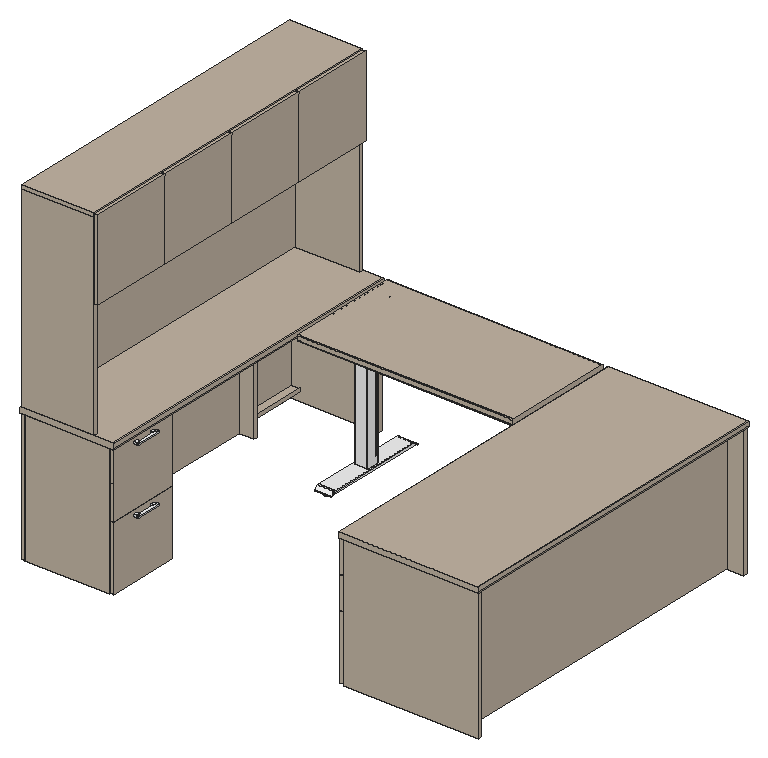
Revit family "JSI-Vision-Typical_Laminate-VST018", category Furniture, Revit 2020
Family settings
  OmniClass Number = 23.40.20.00
  OmniClass Title = General Furniture and Specialties
  Work Plane-Based = No
  Always vertical = Yes
  Cut with Voids When Loaded = No
  Shared = No
  Room Calculation Point = No
Parameters (values of type "VST018")
  URL = "www.jsifurniture.com"
  Type Comments = "Typical Laminate"  # constant formula
  Model = "VST018"
  Manufacturer = "JSI"  # constant formula
  Keynote = "12500"
  Default Elevation = 0"
  Assembly Code = "E2020200"
Reference planes (in)
  plane 1 "Center Front/Back": y = 0
  plane 2: z = 0
  plane 3 "Center Left/Right": x = 0
Dimensions and locks (in)
  aligned and locked: level to plane 2
Nested families (in)
  nested 1: "JSI-Vision-File_File_Credenza" at (10.75, -35.93587, 0) x (0, 1, 0) z (0, 0, 1), type "VST2072LC - Laminate 20 x 72 FF Ped Credenza Left"
    with Width 72", Height 29.187", Panel B 56 1/4"
  nested 2: "JSI-Vision-Single_Pedestal_Desk-Recessed_Modesty" at (87.24997, -36.06413, 0) x (0, -1, 0) z (0, 0, 1), type "VST3072RDF, Laminate 30 x 72 Right Ped Desk, Recess Modesty"
    with Width 72", Panel BBF 56 1/4", LR no, Grommet angle 270.00°, Grommet 56 79/128", BBF 56 1/4"
  nested 3: "JSI-Vision-Overhead_Cabinets" at (0, -72, -0.813) x (0, 1, 0) z (0, 0, 1), type "VST1672SO, Laminate OH Cab. 16" x 72", 4 Doors"
    with Verticall Partition Distance 35 3/4", Unit Centre 36", Width 72", Door Width Actual 17 25/32", Door Array Spacing 17 29/32", Door Width 17 25/32", # of Doors 4
  nested 4: "JSI-Vision-Adjustable_Table_Height_Bridge-Standard_Range" at (20.87997, 0, 0), type "VST2446AHB-S - Adjustable Height Table Standard Range 46"W x 24"D"
Definition of nested family "JSI-Vision-File_File_Credenza"
  Parameters (values of type "Type Catalog")
    Worksurface = none
    Width = 60"
    URL = "www.jsifurniture.com"
    Type Comments = ""
    Tag = "FF"  # constant formula
    Series = "Vision Casegoods"  # constant formula
    Pull Finish = none
    Panel R = if(LR, Depth - 1/4", Depth - 15/16")  # 19 3/4"
    Panel L = if(LR, Depth - 15/16", Depth - 1/4")  # 19 1/16"
    Panel FF = if(LR, 15", Width - 15 3/4")  # 15"
    Model = "Type Catalog"
    Material = ""
    Manufacturer = "JSI"  # constant formula
    LR = yes
    Keynote = "12500"
    JSI Enviromental Website = "http://www.jsifurniture.com/jsi_sustainability_intro.php"
    Height = 29 3/16"
    Grommet angle = if(LR, 90.00°, 270.00°)  # 90.00°
    Grommet Finish = none
    Panel B = if(LR, Width - 15 3/4", 15")  # 44 1/4"
    Grommet = if(LR, 14 1/2", Width - 15 49/128")  # 14 1/2"
    Drawer Front = none
    Description = "Type Catalog"
    Depth chassis = Depth  # 20"
    Depth = 20"
    Default Elevation = 0"
    Chassis = none
    FF = if(LR, 3/16", Width - 15 3/4" + 1/16")  # 3/16"
    Assembly Code = "E2020200"
  Reference planes (in)
    plane 1: z = 0
    plane 2 "Center (Left/Right)": x = -36.06413
    plane 3: z = 29.1875
    plane 4: z = 28
    plane 5: y = -9.25
    plane 6 "Center (Front/Back)": y = 10.75
    plane 7: y = 10.625
    plane 8: y = 10.75
    plane 9: x = -6.06413
    plane 10: x = 23.93587
    plane 11: y = 10.56003
    plane 12: x = -20.31413
    plane 13: x = 8.18587
    plane 14: y = -8.37
    plane 15: x = 15.93587
    plane 16: x = -28.12663
    plane 17: x = 23.81086
    plane 18: x = -35.93913
    plane 19: y = 8.875
    plane 20: y = 4.875
    plane 21: y = 9.8125
    plane 22: y = -8.31113
    plane 23: x = 8.18587
    plane 24: x = -35.87663
    plane 25: x = -20.37636
    plane 26: x = 23.68487
    plane 27: x = -21.56413
    plane 28: y = 6.875
    plane 29: y = -9
    plane 30: y = -8.3125
  Forms (in)
    Extrusion 1, solid, material <- "Worksurface"
      sketch origin (0, 0, -0.8125) x (1, 0, 0) y (0, 1, 0)
        loop
          line (-36.06413, -9.125) -> (23.93587, -9.125) -> (23.93587, 10.625) -> (-36.06413, 10.625) -> (-36.06413, -9.125)
      from 28.8125 to 30
    Extrusion 2, solid, material <- "Drawer Front"
      sketch origin (-0.00163, 0.13, 0) x (1, 0, 0) y (0, 0, 1)
        loop
          line (-35.875, 27.875) -> (-35.875, 21.26593) -> (-35.875, 14.062) -> (-20.37473, 14.062) -> (-20.37473, 21.26593) -> (-20.37473, 27.875) -> (-35.875, 27.875)
        loop
          line (-35.875, 13.937) -> (-35.875, 0.14) -> (-20.37473, 0.14) -> (-20.37473, 13.937) -> (-35.875, 13.937)
      from 8.5 to 9.25
    Extrusion 3, solid, material <- "Chassis"
      sketch origin (-0.06413, 0, 0) x (0, 1, 0) y (0, 0, 1)
        loop
          line (-8.3125, 28) -> (-8.3125, 0) -> (9.81003, 0) -> (9.81003, 28) -> (-8.3125, 28)
      from -35.875 to -35.125
    Extrusion 4, solid, material <- "Chassis"
      sketch origin (-0.06413, 0.034, 0) x (1, 0, 0) y (0, 0, 1)
        loop
          line (-35.125, 1.9375) -> (-35.125, 0) -> (-21, 0) -> (-21, 1.9375) -> (-35.125, 1.9375)
      from 7.59513 to 8.34513
    Extrusion 5, solid, material <- "Chassis"
      sketch origin (-0.06029, 0, 0) x (0, 1, 0) y (0, 0, -1)
        loop
          line (-9, -28) -> (9.8125, -28) -> (9.8125, 0) -> (-9, 0) -> (-9, -28)
      from -23.87116 to -23.12116
    Sweep 6, solid, material <- "Worksurface"
      path in 3D
        loop
          line (-36.06413, -9.125, 29.1875) -> (23.93587, -9.125, 29.1875)
      profile origin (-6.06413, -9.125, 29.1875) x (0, 1, 0) y (0, 0, 1)
        loop
          arc (0, 0) -> (-0.08839, -0.03661) -> (-0.125, -0.125) r 0.125
          line (-0.125, -0.125) -> (-0.125, -1.0625)
          arc (-0.125, -1.0625) -> (-0.08839, -1.15089) -> (0, -1.1875) r 0.125
          line (0, -1.1875) -> (0, 0)
    Extrusion 7, solid, material <- "Chassis"
      sketch origin (-0.06413, 28.15516, 0) x (1, 0, 0) y (0, 0, 1)
        loop
          line (-35.875, 28) -> (-35.875, 0) -> (-20.25, 0) -> (-20.25, 28) -> (-35.875, 28)
      from 17.59513 to 18.34266
    Extrusion 8, solid, material <- "Chassis"
      sketch origin (57.45899, 0, 0) x (0, 1, 0) y (0, 0, -1)
        loop
          line (-8.31113, -28) -> (9.8125, -28) -> (9.8125, 0) -> (-8.31113, 0) -> (-8.31113, -28)
      from 77.77312 to 78.52312
    Extrusion 9, solid, material <- "Chassis"
      sketch origin (-0.06413, 28.15516, 0) x (-1, 0, 0) y (0, 0, -1)
        loop
          line (-23.875, -28) -> (-8.25, -28) -> (-8.25, 0) -> (-23.875, 0) -> (-23.875, -28)
      from 17.59513 to 18.34266
    Sweep 10, solid, material <- "Worksurface"
      path in 3D
        loop
          line (23.93587, 10.625, 29.1875) -> (-36.06413, 10.625, 29.1875)
      profile origin (-6.06413, 10.625, 29.1875) x (0, -1, 0) y (0, 0, 1)
        loop
          arc (0, 0) -> (-0.08839, -0.03661) -> (-0.125, -0.125) r 0.125
          line (-0.125, -0.125) -> (-0.125, -1.0625)
          arc (-0.125, -1.0625) -> (-0.08839, -1.15089) -> (0, -1.1875) r 0.125
          line (0, -1.1875) -> (0, 0)
    Extrusion 11, solid, material <- "Chassis"
      sketch origin (0, 0, 0) x (1, 0, 0) y (0, 0, 1)
        loop
          line (8.93587, 2.5) -> (8.93587, 1.75) -> (23.06086, 1.75) -> (23.06086, 2.5) -> (8.93587, 2.5)
      from -9.8125 to -7.9375
    Extrusion 12, solid, material <- "Chassis"
      sketch origin (0, 0, 0) x (0, 1, 0) y (0, 0, 1)
        loop
          line (9.8125, 28) -> (5.875, 28) -> (5.875, 0) -> (9.8125, 0) -> (9.8125, 28)
      from 8.18587 to 8.93587
    Extrusion 13, solid, material <- "Chassis"
      sketch origin (-12.12827, 0, 0) x (-1, 0, 0) y (0, 0, -1)
        loop
          line (8.93587, -2.5) -> (23.06086, -2.5) -> (23.06086, -1.75) -> (8.93587, -1.75) -> (8.93587, -2.5)
      from -9.8125 to -7.9375
    Extrusion 14, solid, material <- "Chassis"
      sketch origin (0, 0.03248, 0) x (1, 0, 0) y (0, 0, 1)
        loop
          line (-6.49921, 28) -> (-20.31413, 28) -> (-20.31413, 0) -> (8.18587, 0) -> (8.18587, 28) -> (-6.49921, 28)
      from -9.78002 to -9.03002
  Cuts and joins
    joined: Extrusion 1, Sweep 6, Sweep 10
  Lines and regions (in)
    sketch lines
      curve 1: line (-36.06413, -9.125, 29.1875) -> (23.93587, -9.125, 29.1875)
      curve 10: line (23.93587, 10.625, 29.1875) -> (-36.06413, 10.625, 29.1875)
    symbolic lines
      curve 2: line (23.93587, -9.25, 0) -> (-36.06413, -9.25, 0)
      curve 3: line (23.93587, -9.25, 0) -> (23.93587, 10.75, 0)
      curve 4: line (-36.06413, 10.75, 0) -> (-36.06413, -9.25, 0)
      curve 5: line (-20.31413, 10.56003, 0) -> (-35.93913, 10.56003, 0)
      curve 6: line (-20.37636, -8.37, 0) -> (-35.87663, -8.37, 0)
      curve 7: line (-20.37636, -9.12, 0) -> (-20.37636, -8.37, 0)
      curve 8: line (-35.87663, -9.12, 0) -> (-20.37636, -9.12, 0)
      curve 9: line (-35.87663, -8.37, 0) -> (-35.87663, -9.12, 0)
      curve 11: line (-36.06413, 10.75, 0) -> (23.93587, 10.75, 0)
      curve 12: line (-20.31413, -8.31113, 0) -> (-20.31413, 9.8125, 0)
      curve 13: line (-21.06413, -8.31113, 0) -> (-20.31413, -8.31113, 0)
      curve 14: line (23.81086, 10.56003, 0) -> (8.18587, 10.56003, 0)
      curve 15: line (8.18587, 10.56003, 0) -> (8.18587, 9.8125, 0)
      curve 16: line (8.18587, 9.8125, 0) -> (8.18587, 5.875, 0)
      curve 17: line (8.18587, 5.875, 0) -> (8.93587, 5.875, 0)
      curve 18: line (8.93587, 5.875, 0) -> (8.93587, 9.8125, 0)
      curve 19: line (-35.93913, -8.3125, 0) -> (-35.18913, -8.3125, 0)
      curve 20: line (-35.18913, -8.3125, 0) -> (-35.18913, 9.8125, 0)
      curve 21: line (-35.93913, 10.56003, 0) -> (-35.93913, -8.3125, 0)
      curve 22: line (23.06086, 9.8125, 0) -> (23.06086, -9, 0)
      curve 23: line (23.81086, -9, 0) -> (23.81086, 10.56003, 0)
      curve 24: line (23.06086, -9, 0) -> (23.81086, -9, 0)
      curve 25: line (-20.31413, 9.8125, 0) -> (-20.31413, 10.56003, 0)
      curve 26: line (-21.06413, 9.8125, 0) -> (-21.06413, -8.31113, 0)
      curve 27: line (23.81086, 9.8125, 0) -> (-35.93913, 9.8125, 0)
  Dimensions and locks (in)
    "Height": plane 3 to level
    locked: plane 3 to plane 4 at 1.1875
    "Depth": plane 6 "Center (Front/Back)" to plane 5
    locked: plane 7 to plane 6 "Center (Front/Back)" at 0.125
    equal spacing: plane 2 "Center (Left/Right)", plane 9, plane 10
    "Width": plane 2 "Center (Left/Right)" to plane 10
    locked: plane 8 to plane 11 at 0.18997
    "Depth chassis": plane 8 to plane 5
    locked: plane 2 "Center (Left/Right)" to plane 12 at 15.75
    locked: plane 13 to plane 10 at 15.75
    locked: Extrusion 4 to plane 14 at 0.80887
    locked: plane 14 to plane 5 at 0.88
    locked: plane 17 to plane 10 at 0.125
    locked: Extrusion 5 to Extrusion 5 at 0.75
    locked: Extrusion 3 to Extrusion 3 at 0.75
    locked: plane 19 to plane 20 at 4
    plane 22 to plane 5 = 0.93887"
    locked: plane 8 to plane 21 at 0.9375
    "Panel B": plane 2 "Center (Left/Right)" to plane 23
    locked: plane 23 to plane 15 at 7.75
    "FF": plane 2 "Center (Left/Right)" to plane 24
    locked: Extrusion 4 to Extrusion 4 at 0.75
    locked: plane 24 to plane 16 at 7.75
    locked: Extrusion 2 to Extrusion 2 at 0.75
    plane 8 to plane 20 = 5 7/8"
    Extrusion 7 to Extrusion 7 = 0.74753"
    Extrusion 8 to Extrusion 8 = 3/4"
    Extrusion 9 to Extrusion 9 = 0.74753"
    locked: plane 24 to plane 25 at 15.50027
    locked: plane 23 to plane 26 at 15.499
    plane 24 to Extrusion 4 to Extrusion 4 = 11/16" locked, 14 1/8" locked
    "Panel FF": plane 2 "Center (Left/Right)" to Extrusion 8
    locked: Extrusion 8 to Extrusion 8 at 0.75
    "Grommet": plane 2 "Center (Left/Right)" to plane 27
    equal spacing: plane 19, plane 28, plane 20
    "Panel B": plane 2 "Center (Left/Right)" to Extrusion 12
    locked: Extrusion 12 to Extrusion 12 at 3.9375
    locked: Extrusion 12 to Extrusion 12 at 0.75
    locked: Extrusion 11 to Extrusion 11 at 14.125
    locked: Extrusion 13 to Extrusion 13 at 14.125  (x2)
    locked: Extrusion 14 to Extrusion 14 at 0.75
    "Panel R": plane 29 to plane 6 "Center (Front/Back)"
    "Panel L": plane 8 to plane 30
    Extrusion 2 sketch curve to Extrusion 2 sketch curve to Extrusion 2 sketch curve to plane 1 = 1/8", 13.797", 0.14" locked
    locked: plane 4 to Extrusion 2 sketch curve at 0.125
    locked: nested 1 to plane 1 at 13.18529
    locked: plane 4 to nested 2 at 0.875
    locked: plane 3 to plane 1 at 29.1875
    aligned and locked: level to plane 1
    aligned and locked: Extrusion 3 to Extrusion 4
    aligned and locked: plane 17 to Extrusion 5
    aligned and locked: Extrusion 3 to plane 18
    aligned and locked: Extrusion 4 to plane 22
    aligned and locked: Extrusion 4 to level
    aligned and locked: nested 2 to plane 16
    aligned and locked: nested 1 to plane 16
    aligned and locked: Extrusion 7 to plane 12
    aligned and locked: plane 4 to Extrusion 7
    aligned and locked: Extrusion 7 to plane 18
    aligned and locked: plane 18 to Extrusion 3
    aligned and locked: plane 11 to Extrusion 7
    aligned and locked: plane 22 to Extrusion 4
    aligned and locked: Extrusion 8 to plane 22
    aligned and locked: Extrusion 9 to plane 13
    aligned and locked: plane 17 to Extrusion 9
    aligned and locked: Extrusion 5 to plane 17
    aligned and locked: curve 5 to Extrusion 7
    aligned and locked: Extrusion 1 to plane 7
    aligned and locked: plane 11 to Extrusion 9
    aligned and locked: curve 3 to cut or joined group of Extrusion 1, Sweep 6, Sweep 10
    aligned and locked: curve 12 to Extrusion 8
    aligned and locked: curve 13 to Extrusion 8
    aligned and locked: plane 21 to Extrusion 9
    aligned and locked: plane 21 to Extrusion 12
    aligned and locked: plane 21 to Extrusion 11
    aligned and locked: Extrusion 11 to Extrusion 5
    aligned and locked: Extrusion 13 to Extrusion 3
    aligned and locked: curve 14 to Extrusion 9
    aligned and locked: curve 15 to Extrusion 9
    aligned and locked: Extrusion 12 to curve 16
    aligned and locked: curve 17 to Extrusion 12
    aligned and locked: curve 18 to Extrusion 12
    aligned and locked: Extrusion 3 to plane 30
    aligned and locked: curve 19 to Extrusion 3
    aligned and locked: curve 20 to Extrusion 3
    aligned and locked: curve 21 to Extrusion 3
    aligned and locked: Extrusion 5 to plane 29
    aligned and locked: curve 22 to Extrusion 5
    aligned and locked: curve 23 to Extrusion 5
    aligned and locked: curve 24 to Extrusion 5
    aligned and locked: curve 25 to Extrusion 7
    aligned and locked: plane 21 to Extrusion 8
    aligned and locked: plane 21 to Extrusion 5
    aligned and locked: Extrusion 7 to plane 21
    aligned and locked: curve 26 to Extrusion 8
    aligned and locked: nested 3 to plane 16
    aligned and locked: nested 3 to plane 5
    aligned and locked: curve 27 to Extrusion 14
  Automatic sketch dimensions
    Extrusion 1 sketch curve to plane 2 "Center (Left/Right)" = 0"
    Extrusion 1 sketch curve to plane 10 = 0"
    plane 7 to Extrusion 1 sketch curve = 0"
    plane 5 to Extrusion 1 sketch curve = 1/8"
    Extrusion 2 sketch curve to plane 24 = 0"  (x2)
    Extrusion 2 sketch curve to plane 25 = 0"  (x2)
    Extrusion 2 sketch curve to plane 4 = 6.73407"  (x2)
    Extrusion 3 sketch curve to plane 4 = 0"
    Extrusion 3 sketch curve to plane 22 = 0.00137"
    Extrusion 3 sketch curve to level = 0"
    Extrusion 3 sketch curve to plane 21 = 0.00247"
    Extrusion 4 sketch curve to level = 0"
    plane 27 to Extrusion 4 sketch curve = 13 5/8"
    Extrusion 4 sketch curve to plane 25 = 0.68777"
    level to Extrusion 4 sketch curve = 1 15/16"
    Extrusion 5 sketch curve to plane 4 = 0"
    Extrusion 5 sketch curve to plane 22 = 0.68887"
    Extrusion 5 sketch curve to level = 0"
    Extrusion 5 sketch curve to plane 21 = 0"
    Sweep 6 sketch curve to profile plane = 0"  (x2)
    profile plane to Sweep 6 sketch curve = 1/8"
    Sweep 6 sketch curve to Sweep 6 sketch curve = 15/16"
    Extrusion 7 sketch curve to level = 0"
    plane 18 to Extrusion 7 sketch curve = 0"
    plane 12 to Extrusion 7 sketch curve = 0"
    Extrusion 7 sketch curve to plane 4 = 0"
    Extrusion 8 sketch curve to plane 22 = 0"
    Extrusion 8 sketch curve to level = 0"
    Extrusion 8 sketch curve to plane 21 = 0"
    Extrusion 9 sketch curve to level = 0"
    Extrusion 9 sketch curve to plane 17 = 0"
    Extrusion 9 sketch curve to plane 13 = 0"
    Extrusion 9 sketch curve to plane 4 = 0"
    Sweep 10 sketch curve to profile plane = 0"  (x2)
    profile plane to Sweep 10 sketch curve = 1/8"
    Sweep 10 sketch curve to Sweep 10 sketch curve = 15/16"
    Extrusion 11 sketch curve to plane 27 = 30 1/2"
    plane 25 to Extrusion 11 sketch curve = 43.43723"
    level to Extrusion 11 sketch curve = 1 3/4"
    Extrusion 11 sketch curve to Extrusion 11 sketch curve = 3/4"
    Extrusion 12 sketch curve to level = 0"
    Extrusion 12 sketch curve to plane 21 = 0"
    Extrusion 12 sketch curve to plane 28 = 1"
    plane 4 to Extrusion 12 sketch curve = 0"
    Extrusion 13 sketch curve to plane 23 = 29 1/4"
    Extrusion 13 sketch curve to plane 18 = 3/4"
    level to Extrusion 13 sketch curve = 2 1/2"
    Extrusion 13 sketch curve to Extrusion 13 sketch curve = 3/4"
    Extrusion 14 sketch curve to level = 0"
    Extrusion 14 sketch curve to plane 4 = 0"
    Extrusion 14 sketch curve to plane 13 = 0"
    plane 9 to Extrusion 14 sketch curve = 0.43507"
    plane 12 to Extrusion 14 sketch curve = 0"
    curve 2 to plane 2 "Center (Left/Right)" = 0"
    curve 27 to plane 18 = 0"
    curve 9 to plane 14 = 0"
    curve 9 to plane 24 = 0"
    curve 20 to plane 30 = 0"
    curve 26 to plane 22 = 0"
    curve 7 to plane 25 = 0"
    curve 5 to plane 11 = 0"
    curve 5 to plane 12 = 0"
    curve 16 to plane 23 = 0"
    curve 15 to plane 11 = 0"
    curve 15 to plane 13 = 0"
    curve 24 to plane 29 = 0"
    curve 24 to plane 17 = 0"
    curve 2 to plane 5 = 0"
    plane 6 "Center (Front/Back)" to curve 11 = 0"
    plane 24 to curve 20 = 11/16"
    curve 26 to plane 27 = 1/2"
    plane 12 to curve 13 = 0"
    plane 13 to curve 17 = 3/4"
    curve 24 to plane 26 = 0.624"
    curve 8 to plane 29 = 0.12"
    curve 17 to plane 28 = 1"
    curve 25 to plane 21 = 0"
    Extrusion 8 sketch curve to plane 4 = 0"
  Nested families (in)
    nested 1: "Bar Pull" at (-28.12663, -9.12, 13.18529), Pull Finish <- "Pull Finish", type "PL"
      with Pull Finish none
    nested 2: "Bar Pull" at (-28.12663, -9.12, 27.125), Pull Finish <- "Pull Finish", type "PL"
      with Pull Finish none
    nested 3: "Label 1-16-FF" at (-28.12663, -9.25, 0), type "DRWCFG"
  Definition of nested family "Bar Pull"
    Parameters
      Pull Finish [instance] = none
      Default Elevation = 0"
    Reference planes (in)
      plane 1 "Center Front/Back": y = 0
      plane 2: z = 0
      plane 3 "Center Left/Right": x = 0
      plane 4: x = -2.68731
      plane 5: x = -1.88731
      plane 6: x = 2.68731
      plane 7: x = 1.88731
      plane 8: y = -1
      plane 9: y = -0.85202
    Forms (in)
      Extrusion 1, solid, material <- "Pull Finish"
        sketch origin (0, 0, 0) x (0, 1, 0) y (0, 0, 1)
          loop
            line (0, -0.2015) -> (0, 0.2015) -> (-0.85202, 0.2015)
            arc (-0.85202, 0.2015) -> (-0.75, 0) -> (-0.85202, -0.2015) r 0.25
            line (-0.85202, -0.2015) -> (0, -0.2015)
        from 1.88731 to 2.68731
      Extrusion 2, solid, material <- "Pull Finish"
        sketch origin (0, 0, 0) x (0, 1, 0) y (0, 0, 1)
          loop
            circle (-1, 0) r 0.25
        from -2.68731 to 2.68731
      Extrusion 3, solid, material <- "Pull Finish"
        sketch origin (0, 0, 0) x (0, 1, 0) y (0, 0, -1)
          loop
            line (0, 0.2015) -> (-0.85202, 0.2015)
            arc (-0.85202, 0.2015) -> (-0.75, 0) -> (-0.85202, -0.2015) r 0.25
            line (-0.85202, -0.2015) -> (0, -0.2015) -> (0, 0.2015)
        from 1.88731 to 2.68731
    Dimensions and locks (in)
      plane 4 to plane 5 to plane 3 "Center Left/Right" to plane 7 to plane 6 = 0.8" locked, 1.88731" locked, 1.88731" locked, 0.8" locked
      plane 8 to plane 9 to plane 1 "Center Front/Back" = 0.14798" locked, 0.85202" locked
      aligned and locked: level to plane 2
      aligned and locked: plane 4 to Extrusion 3
      aligned and locked: Extrusion 3 to plane 5
      aligned and locked: plane 4 to Extrusion 2
      aligned and locked: Extrusion 1 to plane 7
      aligned and locked: plane 6 to Extrusion 1
      aligned and locked: plane 6 to Extrusion 2
      aligned and locked: plane 8 to Extrusion 2 sketch curve
      aligned and locked: Extrusion 3 to plane 1 "Center Front/Back"
      aligned and locked: Extrusion 1 to plane 1 "Center Front/Back"
      aligned and locked: plane 5 to Extrusion 3
      aligned and locked: Extrusion 3 to plane 4
      aligned and locked: Extrusion 2 to plane 4
      aligned and locked: plane 7 to Extrusion 1
      aligned and locked: Extrusion 1 to plane 6
      aligned and locked: Extrusion 2 to plane 6
  Definition of nested family "Label 1-16-FF"
    Parameters
      Width = 1"
      Model Name = "FF"
    Reference planes (in)
      plane 1: y = 0
      plane 2: x = 0
    Text (in)
      label "XX" at (0.00051, -0.12324, 0), shows "Model Name"
Definition of nested family "JSI-Vision-Single_Pedestal_Desk-Recessed_Modesty"
  Parameters (values of type "Type Catalog")
    Worksurface = none
    Width = 66"
    URL = "www.jsifurniture.com"
    Type Comments = ""
    Tag = "BBF"  # constant formula
    Series = "Vision Casegoods"  # constant formula
    Pull Finish = none
    Panel BBF = if(LR, 15", Width - 15 3/4")  # 15"
    Model = "Type Catalog"
    Material = ""
    Manufacturer = "JSI"  # constant formula
    LR = yes
    Keynote = "12500"
    JSI Enviromental Website = "http://www.jsifurniture.com/jsi_sustainability_intro.php"
    Height = 29.187"
    Grommet angle = if(LR, 90.00°, 270.00°)  # 90.00°
    Grommet Finish = none
    Grommet = if(LR, 14 1/2", Width - 15 49/128")  # 14 1/2"
    Drawer Front = none
    Description = "Type Catalog"
    Depth chassis = 30"
    Depth = 30"
    Default Elevation = 0"
    Chassis = none
    BBF = if(LR, 3/16", Width - 15 3/4")  # 3/16"
    Assembly Code = "E2020200"
  Reference planes (in)
    plane 1: z = 0
    plane 2 "Center (Left/Right)": x = -36.06413
    plane 3: z = 29.187
    plane 4: z = 27.9995
    plane 5: y = -19.25
    plane 6 "Center (Front/Back)": y = 10.75
    plane 7: y = 10.75
    plane 8: x = -3.06413
    plane 9: x = 29.93587
    plane 10: y = 10.56003
    plane 11: x = -20.31413
    plane 12: x = 14.18587
    plane 13: y = -18.37
    plane 14: x = -13.31413
    plane 15: x = -28.12663
    plane 16: x = 29.81086
    plane 17: x = -35.93913
    plane 18: y = 3.55952
    plane 19: y = -0.44048
    plane 20: y = 6.81003
    plane 21: y = -18.31113
    plane 22: x = -21.06413
    plane 23: x = -35.87663
    plane 24: x = -20.37636
    plane 25: x = -5.56513
    plane 26: x = -21.56413
    plane 27: y = 1.55952
  Forms (in)
    Extrusion 1, solid, material <- "Worksurface"
      sketch origin (0, 0, -0.813) x (1, 0, 0) y (0, 1, 0)
        loop
          line (-36.06413, -19.125) -> (29.93587, -19.125) -> (29.93587, 10.625) -> (-36.06413, 10.625) -> (-36.06413, -19.125)
      from 28.8125 to 30
    Extrusion 2, solid, material <- "Chassis"
      sketch origin (0, 3.75, 0) x (1, 0, 0) y (0, 1, 0)
        loop
          line (-35.18913, 3.06003) -> (-35.18913, 2.31003) -> (29.06086, 2.31003) -> (29.06086, 3.06003) -> (-35.18913, 3.06003)
      from 0 to 27.9995
    Extrusion 3, solid, material <- "Drawer Front"
      sketch origin (-0.00163, 0.13, 0) x (1, 0, 0) y (0, 0, 1)
        loop
          line (-35.875, 27.89042) -> (-35.875, 21.04768) -> (-20.37473, 21.04768) -> (-20.37473, 27.89042) -> (-35.875, 27.89042)
        loop
          line (-35.875, 20.92218) -> (-35.875, 14.07843) -> (-20.37473, 14.07843) -> (-20.37473, 20.92218) -> (-35.875, 20.92218)
        loop
          line (-35.875, 13.95343) -> (-35.875, 0.14093) -> (-20.37473, 0.14093) -> (-20.37473, 13.95343) -> (-35.875, 13.95343)
      from 18.5 to 19.25
    Extrusion 4, solid, material <- "Chassis"
      sketch origin (-0.06413, 0, 0) x (0, 1, 0) y (0, 0, 1)
        loop
          line (-18.31113, 27.9995) -> (-18.31113, 0) -> (10.56003, 0) -> (10.56003, 27.9995) -> (3.44695, 27.9995) -> (-18.31113, 27.9995)
      from -35.875 to -35.125
    Extrusion 5, solid, material <- "Chassis"
      sketch origin (-0.06413, 0.034, 0) x (1, 0, 0) y (0, 0, 1)
        loop
          line (-35.125, 1.9375) -> (-35.125, 0) -> (-21, 0) -> (-21, 1.9375) -> (-35.125, 1.9375)
      from 17.59513 to 18.34513
    Extrusion 6, solid, material <- "Chassis"
      sketch origin (-0.06029, 0, 0) x (0, 1, 0) y (0, 0, -1)
        loop
          line (-18.31113, -27.9995) -> (3.74172, -27.9995) -> (10.56003, -27.9995) -> (10.56003, 0) -> (-18.31113, 0) -> (-18.31113, -27.9995)
      from -29.87116 to -29.12116
    Sweep 7, solid, material <- "Worksurface"
      path in 3D
        loop
          line (-36.06413, -19.125, 29.187) -> (29.93587, -19.125, 29.187)
      profile origin (-3.06413, -19.125, 29.187) x (0, 1, 0) y (0, 0, 1)
        loop
          arc (0, 0) -> (-0.08839, -0.03661) -> (-0.125, -0.125) r 0.125
          line (-0.125, -0.125) -> (-0.125, -1.0625)
          arc (-0.125, -1.0625) -> (-0.08839, -1.15089) -> (0, -1.1875) r 0.125
          line (0, -1.1875) -> (0, 0)
    Extrusion 8, solid, material <- "Chassis"
      sketch origin (57.45899, 0, 0) x (0, 1, 0) y (0, 0, -1)
        loop
          line (-18.31113, -27.9995) -> (3.98759, -27.9995) -> (6.06003, -27.9995) -> (6.06003, 0) -> (-18.31113, 0) -> (-18.31113, -27.9995)
      from 77.77312 to 78.52312
    Sweep 9, solid, material <- "Worksurface"
      path in 3D
        loop
          line (29.93587, 10.625, 29.187) -> (-36.06413, 10.625, 29.187)
      profile origin (-3.06413, 10.625, 29.187) x (0, -1, 0) y (0, 0, 1)
        loop
          arc (0, 0) -> (-0.08839, -0.03661) -> (-0.125, -0.125) r 0.125
          line (-0.125, -0.125) -> (-0.125, -1.0625)
          arc (-0.125, -1.0625) -> (-0.08839, -1.15089) -> (0, -1.1875) r 0.125
          line (0, -1.1875) -> (0, 0)
  Cuts and joins
    joined: Extrusion 1, Sweep 7, Sweep 9
  Lines and regions (in)
    sketch lines
      curve 1: line (-36.06413, -19.125, 29.187) -> (29.93587, -19.125, 29.187)
      curve 10: line (29.93587, 10.625, 29.187) -> (-36.06413, 10.625, 29.187)
    symbolic lines
      curve 2: line (29.93587, -19.25, 0) -> (-36.06413, -19.25, 0)
      curve 3: line (29.93587, -19.25, 0) -> (29.93587, 10.75, 0)
      curve 4: line (-36.06413, 10.75, 0) -> (-36.06413, -19.25, 0)
      curve 5: line (-20.37636, -18.37, 0) -> (-35.87663, -18.37, 0)
      curve 6: line (-20.37636, -19.12, 0) -> (-20.37636, -18.37, 0)
      curve 7: line (-35.87663, -19.12, 0) -> (-20.37636, -19.12, 0)
      curve 8: line (-35.87663, -18.37, 0) -> (-35.87663, -19.12, 0)
      curve 9: line (-35.93913, 10.56003, 0) -> (-35.93913, -18.31113, 0)
      curve 11: line (29.81086, -18.31113, 0) -> (29.81086, 10.56003, 0)
      curve 12: line (-20.31413, -18.31113, 0) -> (-20.31413, 6.06003, 0)
      curve 13: line (-21.06413, 6.06003, 0) -> (-21.06413, -18.31113, 0)
      curve 14: line (-21.06413, -18.31113, 0) -> (-20.31413, -18.31113, 0)
      curve 15: line (-35.93913, 10.56003, 0) -> (-35.18913, 10.56003, 0)
      curve 16: line (-35.18913, -18.31113, 0) -> (-35.18913, 10.56003, 0)
      curve 17: line (-35.93913, -18.31113, 0) -> (-35.18913, -18.31113, 0)
      curve 18: line (29.06086, 6.81003, 0) -> (-35.18913, 6.81003, 0)
      curve 19: line (-35.18913, 6.06003, 0) -> (29.06086, 6.06003, 0)
      curve 20: line (29.06086, 10.56003, 0) -> (29.06086, -18.31113, 0)
      curve 21: line (29.81086, 10.56003, 0) -> (29.06086, 10.56003, 0)
      curve 22: line (29.06086, -18.31113, 0) -> (29.81086, -18.31113, 0)
      curve 23: line (-36.06413, 10.75, 0) -> (29.93587, 10.75, 0)
  Dimensions and locks (in)
    "Height": plane 3 to level
    locked: plane 3 to plane 4 at 1.1875
    "Depth": plane 6 "Center (Front/Back)" to plane 5
    equal spacing: plane 2 "Center (Left/Right)", plane 8, plane 9
    "Width": plane 2 "Center (Left/Right)" to plane 9
    locked: plane 7 to plane 10 at 0.18997
    locked: plane 2 "Center (Left/Right)" to plane 11 at 15.75
    locked: plane 12 to plane 9 at 15.75
    locked: Extrusion 5 to plane 13 at 0.80887
    locked: plane 13 to plane 5 at 0.88
    locked: plane 16 to plane 9 at 0.125
    locked: Extrusion 6 to Extrusion 6 at 0.75
    locked: Extrusion 4 to Extrusion 4 at 0.75
    locked: Extrusion 2 to Extrusion 2 at 0.75
    plane 21 to plane 5 = 0.93887"
    locked: plane 22 to plane 14 at 7.75
    "BBF": plane 2 "Center (Left/Right)" to plane 23
    locked: Extrusion 5 to Extrusion 5 at 0.75
    locked: plane 23 to plane 15 at 7.75
    locked: Extrusion 3 to Extrusion 3 at 0.75
    Extrusion 8 to Extrusion 8 = 3/4"
    locked: plane 23 to plane 24 at 15.50027
    locked: plane 22 to plane 25 at 15.499
    plane 23 to Extrusion 5 to Extrusion 5 = 11/16" locked, 14 1/8" locked
    "Panel BBF": plane 2 "Center (Left/Right)" to Extrusion 8
    locked: Extrusion 8 to Extrusion 8 at 0.75
    "Grommet": plane 2 "Center (Left/Right)" to plane 26
    equal spacing: plane 18, plane 27, plane 19
    plane 7 to plane 20 to plane 18 to plane 19 = 3.93997" locked, 3.25051" locked, 4" locked
    aligned and locked: level to plane 1
    aligned and locked: curve 4 to Extrusion 1
    aligned and locked: Extrusion 4 to Extrusion 5
    aligned and locked: Extrusion 2 to Extrusion 5
    aligned and locked: Extrusion 2 to Extrusion 6  (x2)
    aligned and locked: plane 16 to Extrusion 6
    aligned and locked: Extrusion 4 to plane 17
    aligned and locked: plane 20 to Extrusion 2
    aligned and locked: plane 13 to Extrusion 3
    aligned and locked: Extrusion 6 to plane 21
    aligned and locked: Extrusion 5 to plane 21
    aligned and locked: Extrusion 4 to plane 21
    aligned and locked: Extrusion 5 to level
    aligned and locked: nested 3 to plane 15
    aligned and locked: nested 2 to plane 15
    aligned and locked: nested 1 to plane 15
    aligned and locked: Extrusion 3 to nested 3
    aligned and locked: Extrusion 3 to nested 2
    aligned and locked: Extrusion 3 to nested 1
    aligned and locked: Extrusion 3 to plane 23  (x3)
    aligned and locked: plane 17 to Extrusion 4
    aligned and locked: plane 21 to Extrusion 5
    aligned and locked: Extrusion 8 to plane 21
    aligned and locked: Extrusion 6 to plane 16
    aligned and locked: plane 24 to Extrusion 3  (x3)
    aligned and locked: curve 5 to Extrusion 3
    aligned and locked: curve 6 to Extrusion 3
    aligned and locked: curve 7 to Extrusion 3
    aligned and locked: curve 8 to Extrusion 3
    aligned and locked: Extrusion 4 to curve 9
    aligned and locked: curve 11 to Extrusion 6
    aligned and locked: Extrusion 2 to Extrusion 4
    aligned and locked: Extrusion 8 to Extrusion 2
    aligned and locked: curve 12 to Extrusion 8
    aligned and locked: curve 13 to Extrusion 8
    aligned and locked: curve 14 to Extrusion 8
    aligned and locked: curve 16 to Extrusion 4
    aligned and locked: curve 17 to Extrusion 4
    aligned and locked: curve 18 to Extrusion 2
    aligned and locked: curve 19 to Extrusion 2
    aligned and locked: curve 20 to Extrusion 6
    aligned and locked: curve 21 to Extrusion 6
    aligned and locked: curve 22 to Extrusion 6
    aligned and locked: curve 3 to cut or joined group of Extrusion 1, Sweep 7, Sweep 9
    aligned and locked: curve 4 to cut or joined group of Extrusion 1, Sweep 7, Sweep 9
    aligned and locked: curve 23 to cut or joined group of Extrusion 1, Sweep 7, Sweep 9
    aligned and locked: nested 4 to plane 5
    aligned and locked: nested 4 to plane 15
    aligned and locked: plane 10 to Extrusion 4  (x2)
    aligned and locked: plane 10 to Extrusion 6  (x2)
    aligned and locked: curve 15 to Extrusion 4
  Automatic sketch dimensions
    plane 11 to Extrusion 2 sketch curve = 14 7/8"
    plane 12 to Extrusion 2 sketch curve = 14 7/8"
    Extrusion 2 sketch curve to plane 20 = 0"
    plane 18 to Extrusion 2 sketch curve = 2.50051"
    Extrusion 3 sketch curve to plane 23 = 0"  (x3)
    plane 11 to Extrusion 3 sketch curve = 0.06223"  (x3)
    level to Extrusion 3 sketch curve = 0.14093"
    Extrusion 3 sketch curve to Extrusion 3 sketch curve = 13 13/16"
    Extrusion 3 sketch curve to Extrusion 3 sketch curve = 1/8"
    Extrusion 3 sketch curve to Extrusion 3 sketch curve = 6 27/32"
    Extrusion 3 sketch curve to Extrusion 3 sketch curve = 0.1255"
    Extrusion 3 sketch curve to plane 4 = 0.10907"
    plane 4 to Extrusion 4 sketch curve = 0"
    Extrusion 4 sketch curve to plane 21 = 0"
    Extrusion 4 sketch curve to level = 0"
    Extrusion 4 sketch curve to plane 10 = 0"
    Extrusion 5 sketch curve to level = 0"
    plane 23 to Extrusion 5 sketch curve = 11/16"
    plane 11 to Extrusion 5 sketch curve = 3/4"
    level to Extrusion 5 sketch curve = 1 15/16"
    Extrusion 6 sketch curve to plane 4 = 0"
    Extrusion 6 sketch curve to plane 21 = 0"
    Extrusion 6 sketch curve to level = 0"
    Extrusion 6 sketch curve to plane 10 = 0"
    Sweep 7 sketch curve to profile plane = 0"  (x2)
    profile plane to Sweep 7 sketch curve = 1/8"
    Sweep 7 sketch curve to Sweep 7 sketch curve = 15/16"
    Extrusion 8 sketch curve to plane 4 = 0"
    Extrusion 8 sketch curve to plane 21 = 0"
    Extrusion 8 sketch curve to level = 0"
    Extrusion 8 sketch curve to plane 10 = 4 1/2"
    Extrusion 1 sketch curve to plane 2 "Center (Left/Right)" = 0"
    Extrusion 1 sketch curve to plane 9 = 0"
    plane 5 to Extrusion 1 sketch curve = 1/8"
    Sweep 9 sketch curve to Sweep 9 sketch curve = 15/16"
    Sweep 9 sketch curve to profile plane = 1/8"
    Sweep 9 sketch curve to profile plane = 0"  (x2)
    curve 2 to plane 2 "Center (Left/Right)" = 0"
    curve 9 to plane 17 = 0"
    curve 5 to plane 13 = 0"
    curve 5 to plane 23 = 0"
    curve 17 to plane 21 = 0"
    curve 18 to plane 20 = 0"
    curve 14 to plane 21 = 0"
    curve 7 to plane 24 = 0"
    plane 11 to curve 14 = 0"
    curve 22 to plane 21 = 0"
    curve 22 to plane 16 = 0"
    curve 2 to plane 5 = 0"
    plane 23 to curve 17 = 11/16"
    plane 22 to curve 14 = 0"
    curve 20 to curve 11 = 3/4"
    plane 5 to curve 7 = 0.13"
    curve 19 to curve 18 = 3/4"
    curve 11 to plane 10 = 0"
    plane 10 to Extrusion 1 sketch curve = 0.06497"
    Extrusion 4 sketch curve to plane 18 = 0.11258"
    plane 18 to Extrusion 8 sketch curve = 0.42807"
    plane 18 to Extrusion 6 sketch curve = 0.1822"
  Nested families (in)
    nested 1: "Bar Pull" at (-28.12663, -19.12, 13.20292), Pull Finish <- "Pull Finish", type "PL"
      with Pull Finish none
    nested 2: "Bar Pull" at (-28.12663, -19.12, 20.171), Pull Finish <- "Pull Finish", type "PL"
      with Pull Finish none
    nested 3: "Bar Pull" at (-28.12663, -19.12, 27.14116), Pull Finish <- "Pull Finish", type "PL"
      with Pull Finish none
    nested 4: "Label 1-16-1" at (-28.12663, -19.25, 0), type "DRWCFG"
  Definition of nested family "Bar Pull"
    Parameters
      Pull Finish [instance] = none
      Default Elevation = 0"
    Reference planes (in)
      plane 1 "Center Front/Back": y = 0
      plane 2: z = 0
      plane 3 "Center Left/Right": x = 0
      plane 4: x = -2.68731
      plane 5: x = -1.88731
      plane 6: x = 2.68731
      plane 7: x = 1.88731
      plane 8: y = -1
      plane 9: y = -0.85202
    Forms (in)
      Extrusion 1, solid, material <- "Pull Finish"
        sketch origin (0, 0, 0) x (0, 1, 0) y (0, 0, 1)
          loop
            line (0, -0.2015) -> (0, 0.2015) -> (-0.85202, 0.2015)
            arc (-0.85202, 0.2015) -> (-0.75, 0) -> (-0.85202, -0.2015) r 0.25
            line (-0.85202, -0.2015) -> (0, -0.2015)
        from 1.88731 to 2.68731
      Extrusion 2, solid, material <- "Pull Finish"
        sketch origin (0, 0, 0) x (0, 1, 0) y (0, 0, 1)
          loop
            circle (-1, 0) r 0.25
        from -2.68731 to 2.68731
      Extrusion 3, solid, material <- "Pull Finish"
        sketch origin (0, 0, 0) x (0, 1, 0) y (0, 0, -1)
          loop
            line (0, 0.2015) -> (-0.85202, 0.2015)
            arc (-0.85202, 0.2015) -> (-0.75, 0) -> (-0.85202, -0.2015) r 0.25
            line (-0.85202, -0.2015) -> (0, -0.2015) -> (0, 0.2015)
        from 1.88731 to 2.68731
    Dimensions and locks (in)
      plane 4 to plane 5 to plane 3 "Center Left/Right" to plane 7 to plane 6 = 0.8" locked, 1.88731" locked, 1.88731" locked, 0.8" locked
      plane 8 to plane 9 to plane 1 "Center Front/Back" = 0.14798" locked, 0.85202" locked
      aligned and locked: level to plane 2
      aligned and locked: plane 4 to Extrusion 3
      aligned and locked: Extrusion 3 to plane 5
      aligned and locked: plane 4 to Extrusion 2
      aligned and locked: Extrusion 1 to plane 7
      aligned and locked: plane 6 to Extrusion 1
      aligned and locked: plane 6 to Extrusion 2
      aligned and locked: plane 8 to Extrusion 2 sketch curve
      aligned and locked: Extrusion 3 to plane 1 "Center Front/Back"
      aligned and locked: Extrusion 1 to plane 1 "Center Front/Back"
      aligned and locked: plane 5 to Extrusion 3
      aligned and locked: Extrusion 3 to plane 4
      aligned and locked: Extrusion 2 to plane 4
      aligned and locked: plane 7 to Extrusion 1
      aligned and locked: Extrusion 1 to plane 6
      aligned and locked: Extrusion 2 to plane 6
  Definition of nested family "Label 1-16-1"
    Parameters
      Width = 1"
      Model Name = "BBF"
    Reference planes (in)
      plane 1: y = 0
      plane 2: x = 0
    Text (in)
      label "XX" at (0.00051, -0.12324, 0), shows "Model Name"
Definition of nested family "JSI-Vision-Overhead_Cabinets"
  Parameters (values of type "Overhead Cab. Doors - Type Catalog Family")
    Verticall Partition Distance = (Door Width * 2) + 3/16"  # 29 13/16"
    Unit Centre = Width / 2  # 45"
    Top = none
    Width = 90"
    URL = "www.jsifurniture.com"
    Type Comments = ""
    Tag = "6 Doors"
    Series = "Vision Casegoods"  # constant formula
    Right Vertical Partition = yes
    Overhead Height = 26 1/2"
    OH Elevation = 30"
    Model = "Type Catalog"
    Material = ""
    Manufacturer = "JSI"  # constant formula
    Left Vertical Partition = yes
    Keynote = "12500"  # constant formula
    JSI Enviromental Website = "http://www.jsifurniture.com/jsi_sustainability_intro.php"
    Height = 42"
    Grommet Finish = none
    Gromett Height = OH Elevation + 24 5/8"  # 54 5/8"
    Door Width Actual = if(# of Doors > 4, ((Width - 1 1/8") / # of Doors), if(# of Doors > 3, (((Width - 1 1/8") / # of Doors) + 1/16"), if(# of Doors > 2, (((Width - 1 1/8") / # of Doors) + 1/8"), (((Width - 1 1/8") / # of Doors) + 1/4"))))  # 14 13/16"
    Door Array Spacing = Door Width + 1/8"  # 14 15/16"
    Door Width = Door Width Actual  # 14 13/16"
    Door Front = none
    Description = "Type Catalog"
    Depth = 16"
    Default Elevation = 0"
    Chassis = none
    Assembly Code = "E2020200"
    # of Doors = if(Width > 89", 6, (if(Width > 53", 4, (if(Width > 41", 3, (if(Width > 30", 2, 2)))))))  # 6
  Reference planes (in)
    plane 1 "Center Front/Back": y = 0
    plane 2: z = 0
    plane 3 "Center Left/Right": x = 0
    plane 4 "a": z = 0
    plane 5: y = -0.125
    plane 6: x = 90
    plane 7: x = 0.125
    plane 8: x = 89.875
    plane 9: y = -15.5625
    plane 10: y = -16
    plane 11: z = 72.5
    plane 12: z = 72
    plane 13: x = 0.875
    plane 14: x = 89.125
    plane 15: y = -0.875
    plane 16: y = -0.9375
    plane 17: y = -1.6875
    plane 18: z = 71.75
    plane 19: z = 56.5
    plane 20: z = 57.25
    plane 21: z = 55
    plane 22: y = -14.8125
    plane 23: y = -14.0625
    plane 24: x = 0.25
    plane 25: x = 89.75
    plane 26: z = 72.4375
    plane 27: z = 55.1875
    plane 28: y = -15.6875
    plane 29: y = -16.4375
    plane 30: x = 45
    plane 31: x = 30.0625
    plane 32: x = 59.9375
    plane 33: x = 29.6875
    plane 34: x = 30.4375
    plane 35: x = 59.5625
    plane 36: x = 60.3125
    plane 37 "Not a Reference": x = 6.875
    plane 38: x = 83.125
    plane 39: z = 30
  Forms (in)
    Extrusion 1, solid, material <- "Chassis"
      sketch origin (0, 0, 0) x (1, 0, 0) y (0, 1, 0)
        loop
          line (0.125, -0.125) -> (0.125, -15.5625) -> (0.875, -15.5625) -> (0.875, -0.125) -> (0.125, -0.125)
      from 30 to 71.75
    Extrusion 2, solid, material <- "Chassis"
      sketch origin (0, 0, 0) x (1, 0, 0) y (0, 1, 0)
        loop
          line (89.875, -0.125) -> (89.125, -0.125) -> (89.125, -15.5625) -> (89.875, -15.5625) -> (89.875, -0.125)
      from 30 to 71.75
    Extrusion 3, solid, material <- "Door Front"
      sketch origin (0, 0, 0) x (1, 0, 0) y (0, 0, 1)
        loop
          line (0.125, 72.5) -> (0.125, 71.75) -> (89.875, 71.75) -> (89.875, 72.5) -> (0.125, 72.5)
      from 0.125 to 15.5625
    Extrusion 4, solid, material <- "Chassis"
      sketch origin (0, 0, 0) x (1, 0, 0) y (0, 0, 1)
        loop
          line (0.875, 57.25) -> (0.875, 56.5) -> (89.125, 56.5) -> (89.125, 57.25) -> (0.875, 57.25)
      from 1.6875 to 15.5625
    Extrusion 5, solid, material <- "Chassis"
      sketch origin (0, 0, 0) x (1, 0, 0) y (0, 1, 0)
        loop
          line (0.875, -14.0625) -> (0.875, -14.8125) -> (89.125, -14.8125) -> (89.125, -14.0625) -> (0.875, -14.0625)
      from 55 to 56.5
    Extrusion 6, solid, material <- "Door Front"
      sketch origin (-3, 0, 18) x (1, 0, 0) y (0, 1, 0)
        loop
          line (3.25, -15.6875) -> (3.25, -16.4375) -> (18.0625, -16.4375) -> (18.0625, -15.6875) -> (3.25, -15.6875)
      from 37.1875 to 54.4375
    Extrusion 7, solid, material <- "Door Front"
      sketch origin (11.9375, 0, 18) x (1, 0, 0) y (0, 1, 0)
        loop
          line (3.25, -15.6875) -> (3.25, -16.4375) -> (18.0625, -16.4375) -> (18.0625, -15.6875) -> (3.25, -15.6875)
      from 37.1875 to 54.4375
    Extrusion 8, solid, material <- "Chassis", visible <- "Left Vertical Partition"
      sketch origin (0, 0, 0) x (1, 0, 0) y (0, 1, 0)
        loop
          line (29.6875, -1.6875) -> (29.6875, -15.5625) -> (30.4375, -15.5625) -> (30.4375, -1.6875) -> (29.6875, -1.6875)
      from 57.25 to 71.75
    Extrusion 9, solid, material <- "Chassis", visible <- "Right Vertical Partition"
      sketch origin (0, 0, 0) x (1, 0, 0) y (0, 1, 0)
        loop
          line (59.5625, -1.6875) -> (59.5625, -15.5625) -> (60.3125, -15.5625) -> (60.3125, -1.6875) -> (59.5625, -1.6875)
      from 57.25 to 71.75
    Extrusion 10, solid, material <- "Chassis"
      sketch origin (130.61992, -0.9375, 48) x (1, 0, 0) y (0, 0, 1)
        loop
          line (-129.74492, 23.75) -> (-129.74492, -18) -> (-41.49492, -18) -> (-41.49492, 23.75) -> (-129.74492, 23.75)
        loop
          circle (-120.11946, 7.90657) r 0.33443
        loop
          circle (-51.12039, 7.90657) r 0.33443
      from 0 to 0.75
    Extrusion 11, solid, material <- "Door Front"
      sketch origin (26.875, 0, 18) x (1, 0, 0) y (0, 1, 0)
        loop
          line (3.25, -15.6875) -> (3.25, -16.4375) -> (18.0625, -16.4375) -> (18.0625, -15.6875) -> (3.25, -15.6875)
      from 37.1875 to 54.4375
    Extrusion 12, solid, material <- "Door Front"
      sketch origin (41.8125, 0, 18) x (1, 0, 0) y (0, 1, 0)
        loop
          line (3.25, -15.6875) -> (3.25, -16.4375) -> (18.0625, -16.4375) -> (18.0625, -15.6875) -> (3.25, -15.6875)
      from 37.1875 to 54.4375
    Extrusion 13, solid, material <- "Door Front"
      sketch origin (56.75, 0, 18) x (1, 0, 0) y (0, 1, 0)
        loop
          line (3.25, -15.6875) -> (3.25, -16.4375) -> (18.0625, -16.4375) -> (18.0625, -15.6875) -> (3.25, -15.6875)
      from 37.1875 to 54.4375
    Extrusion 14, solid, material <- "Door Front"
      sketch origin (71.6875, 0, 18) x (1, 0, 0) y (0, 1, 0)
        loop
          line (3.25, -15.6875) -> (3.25, -16.4375) -> (18.0625, -16.4375) -> (18.0625, -15.6875) -> (3.25, -15.6875)
      from 37.1875 to 54.4375
  Lines and regions (in)
    symbolic lines
      curve 1: line (0.125, -0.125, 0) -> (0.125, -15.5625, 0)
      curve 2: line (89.875, -0.125, 0) -> (0.125, -0.125, 0)
      curve 3: line (0.125, -15.5625, 0) -> (89.875, -15.5625, 0)
      curve 4: line (89.875, -15.5625, 0) -> (89.875, -0.125, 0)
      curve 5: line (0.25, -15.6875, 0) -> (15.0625, -15.6875, 0)
      curve 6: line (0.25, -16.4375, 0) -> (0.25, -15.6875, 0)
      curve 7: line (15.0625, -16.4375, 0) -> (0.25, -16.4375, 0)
      curve 8: line (15.0625, -15.6875, 0) -> (15.0625, -16.4375, 0)
      curve 9: line (15.1875, -15.6875, 0) -> (30, -15.6875, 0)
      curve 10: line (15.1875, -16.4375, 0) -> (15.1875, -15.6875, 0)
      curve 11: line (30, -16.4375, 0) -> (15.1875, -16.4375, 0)
      curve 12: line (30, -15.6875, 0) -> (30, -16.4375, 0)
      curve 13: line (30.125, -15.6875, 0) -> (44.9375, -15.6875, 0)
      curve 14: line (30.125, -16.4375, 0) -> (30.125, -15.6875, 0)
      curve 15: line (44.9375, -16.4375, 0) -> (30.125, -16.4375, 0)
      curve 16: line (44.9375, -15.6875, 0) -> (44.9375, -16.4375, 0)
      curve 17: line (45.0625, -15.6875, 0) -> (59.875, -15.6875, 0)
      curve 18: line (45.0625, -16.4375, 0) -> (45.0625, -15.6875, 0)
      curve 19: line (59.875, -16.4375, 0) -> (45.0625, -16.4375, 0)
      curve 20: line (59.875, -15.6875, 0) -> (59.875, -16.4375, 0)
      curve 21: line (60, -15.6875, 0) -> (74.8125, -15.6875, 0)
      curve 22: line (60, -16.4375, 0) -> (60, -15.6875, 0)
      curve 23: line (74.8125, -16.4375, 0) -> (60, -16.4375, 0)
      curve 24: line (74.8125, -15.6875, 0) -> (74.8125, -16.4375, 0)
      curve 25: line (74.9375, -15.6875, 0) -> (89.75, -15.6875, 0)
      curve 26: line (74.9375, -16.4375, 0) -> (74.9375, -15.6875, 0)
      curve 27: line (89.75, -16.4375, 0) -> (74.9375, -16.4375, 0)
      curve 28: line (89.75, -15.6875, 0) -> (89.75, -16.4375, 0)
  Dimensions and locks (in)
    plane 3 "Center Left/Right" to plane 7 to plane 24 = 1/8" locked, 1/8" locked
    plane 25 to plane 8 to plane 6 = 1/8" locked, 1/8" locked
    locked: plane 5 to plane 1 "Center Front/Back" at 0.125
    plane 10 to plane 9 to plane 22 to plane 23 = 7/16" locked, 3/4" locked, 3/4" locked
    "Width": plane 3 "Center Left/Right" to plane 6
    "Depth": plane 10 to plane 1 "Center Front/Back"
    locked: plane 11 to plane 12 at 0.5
    locked: plane 7 to plane 13 at 0.75
    locked: plane 14 to plane 8 at 0.75
    locked: plane 15 to plane 5 at 0.75
    plane 17 to plane 16 to plane 5 = 3/4" locked, 13/16" locked
    locked: plane 11 to plane 18 at 0.75
    plane 20 to plane 19 to plane 21 = 3/4" locked, 1 1/2" locked
    plane 18 to plane 20 = 14 1/2"
    locked: plane 11 to plane 26 at 0.0625
    locked: plane 27 to plane 21 at 0.1875
    plane 29 to plane 28 to plane 9 = 3/4" locked, 1/8" locked
    "Door Width": Extrusion 6 sketch curve to Extrusion 6 sketch curve
    "Door Width": Extrusion 7 sketch curve to Extrusion 7 sketch curve
    equal spacing: group 1, group 2, group 3, group 4, group 5, group 6  (x3)
    "Door Array Spacing": Extrusion 6 to Extrusion 7
    "Verticall Partition Distance": plane 24 to plane 31
    plane 33 to plane 31 to plane 34 = 3/8" locked, 3/8" locked
    plane 35 to plane 32 to plane 36 = 3/8" locked, 3/8" locked
    "Verticall Partition Distance": plane 32 to plane 25
    "Unit Centre": plane 3 "Center Left/Right" to plane 30
    locked: plane 13 to plane 37 "Not a Reference" at 6
    locked: plane 38 to plane 14 at 6
    "Door Width": Extrusion 11 sketch curve to Extrusion 11 sketch curve
    "Door Width": Extrusion 12 sketch curve to Extrusion 12 sketch curve
    "OH Elevation": plane 39 to plane 4 "a"
    "Height": plane 12 to plane 39
    "Overhead Height": plane 19 to plane 39
    "Door Width": Extrusion 13 sketch curve to Extrusion 13 sketch curve
    "Door Width": Extrusion 14 sketch curve to Extrusion 14 sketch curve
    locked: Extrusion 10 sketch curve to Extrusion 10 sketch curve at 9.62546  (x2)
    locked: Extrusion 10 sketch curve to Extrusion 10 sketch curve at 15.84343  (x2)
    aligned and locked: level to plane 2
    aligned and locked: plane 5 to Extrusion 1 sketch curve
    aligned and locked: plane 7 to Extrusion 1 sketch curve
    aligned and locked: Extrusion 1 sketch curve to plane 13
    aligned and locked: Extrusion 2 sketch curve to plane 5
    aligned and locked: plane 8 to Extrusion 2 sketch curve
    aligned and locked: Extrusion 2 sketch curve to plane 14
    aligned and locked: Extrusion 3 sketch curve to plane 11
    aligned and locked: plane 7 to Extrusion 3 sketch curve
    aligned and locked: Extrusion 3 to plane 5
    aligned and locked: plane 9 to Extrusion 1
    aligned and locked: plane 9 to Extrusion 2
    aligned and locked: plane 9 to Extrusion 3
    aligned and locked: Extrusion 4 sketch curve to plane 20
    aligned and locked: plane 13 to Extrusion 4 sketch curve
    aligned and locked: plane 19 to Extrusion 4 sketch curve
    aligned and locked: Extrusion 4 sketch curve to plane 14
    aligned and locked: Extrusion 4 to plane 17
    aligned and locked: plane 9 to Extrusion 4
    aligned and locked: plane 23 to Extrusion 5 sketch curve
    aligned and locked: plane 13 to Extrusion 5 sketch curve
    aligned and locked: Extrusion 5 sketch curve to plane 22
    aligned and locked: Extrusion 5 sketch curve to plane 14
    aligned and locked: plane 19 to Extrusion 5
    aligned and locked: Extrusion 5 to plane 21
    aligned and locked: plane 26 to Extrusion 6
    aligned and locked: Extrusion 6 to plane 24
    aligned and locked: plane 17 to Extrusion 8 sketch curve
    aligned and locked: plane 33 to Extrusion 8 sketch curve
    aligned and locked: Extrusion 8 sketch curve to plane 9
    aligned and locked: Extrusion 8 sketch curve to plane 34
    aligned and locked: plane 17 to Extrusion 9 sketch curve
    aligned and locked: plane 35 to Extrusion 9 sketch curve
    aligned and locked: Extrusion 9 sketch curve to plane 9
    aligned and locked: Extrusion 9 sketch curve to plane 36
    aligned and locked: plane 18 to Extrusion 8
    aligned and locked: Extrusion 8 to plane 20
    aligned and locked: plane 18 to Extrusion 9
    aligned and locked: Extrusion 9 to plane 20
    aligned and locked: Extrusion 1 to Extrusion 10 sketch curve
    aligned and locked: Extrusion 10 sketch curve to Extrusion 1
    aligned and locked: Extrusion 2 to Extrusion 10 sketch curve
    aligned and locked: Extrusion 10 to plane 16
    aligned and locked: plane 17 to Extrusion 10
    aligned and locked: plane 30 to nested 1
    aligned and locked: plane 29 to nested 1
    aligned and locked: plane 26 to Extrusion 7
    aligned and locked: plane 18 to Extrusion 1
    aligned and locked: plane 18 to Extrusion 2
    aligned and locked: Extrusion 6 to plane 27
    aligned and locked: curve 1 to Extrusion 3
    aligned and locked: curve 2 to Extrusion 3
    aligned and locked: curve 3 to Extrusion 3
    aligned and locked: curve 4 to Extrusion 3
    aligned and locked: Extrusion 1 to plane 39
    aligned and locked: Extrusion 2 to plane 39
    aligned and locked: curve 5 to Extrusion 6
    aligned and locked: curve 6 to Extrusion 6
    aligned and locked: curve 7 to Extrusion 6
    aligned and locked: curve 8 to Extrusion 6
    aligned and locked: curve 9 to Extrusion 7
    aligned and locked: curve 10 to Extrusion 7
    aligned and locked: curve 11 to Extrusion 7
    aligned and locked: curve 12 to Extrusion 7
    aligned and locked: curve 13 to Extrusion 11
    aligned and locked: curve 14 to Extrusion 11
    aligned and locked: curve 15 to Extrusion 11
    aligned and locked: curve 16 to Extrusion 11
    aligned and locked: curve 17 to Extrusion 12
    aligned and locked: curve 18 to Extrusion 12
    aligned and locked: curve 19 to Extrusion 12
    aligned and locked: curve 20 to Extrusion 12
    aligned and locked: curve 21 to Extrusion 13
    aligned and locked: curve 22 to Extrusion 13
    aligned and locked: curve 23 to Extrusion 13
    aligned and locked: curve 24 to Extrusion 13
    aligned and locked: curve 25 to Extrusion 14
    aligned and locked: curve 26 to Extrusion 14
    aligned and locked: curve 27 to Extrusion 14
    aligned and locked: curve 28 to Extrusion 14
  Automatic sketch dimensions
    Extrusion 1 sketch curve to plane 10 = 7/16"
    Extrusion 3 sketch curve to plane 8 = 0"
    Extrusion 3 sketch curve to plane 18 = 0"
    plane 9 to Extrusion 2 sketch curve = 0"
    Extrusion 6 sketch curve to Extrusion 6 sketch curve = 3/4"
    Extrusion 7 sketch curve to Extrusion 7 sketch curve = 3/4"
    Extrusion 11 sketch curve to Extrusion 11 sketch curve = 3/4"
    Extrusion 12 sketch curve to Extrusion 12 sketch curve = 3/4"
    curve 6 to curve 7 = 14 13/16"
    curve 6 to curve 6 = 3/4"
    curve 10 to curve 11 = 14 13/16"
    curve 10 to curve 10 = 3/4"
    curve 14 to curve 15 = 14 13/16"
    curve 14 to curve 14 = 3/4"
    curve 18 to curve 19 = 14 13/16"
    curve 18 to curve 18 = 3/4"
    Extrusion 13 sketch curve to Extrusion 13 sketch curve = 3/4"
    curve 22 to curve 23 = 14 13/16"
    curve 22 to curve 22 = 3/4"
    Extrusion 14 sketch curve to Extrusion 14 sketch curve = 3/4"
    curve 26 to curve 27 = 14 13/16"
    curve 26 to curve 26 = 3/4"
    Extrusion 10 sketch curve to plane 39 = 0"
    radius of Extrusion 10 sketch curve = 0.33443"  (x2)
  Nested families (in)
    nested 1: "Label 1-16 OH" at (45, -16.4375, 0), type "OH DOORS"
  Definition of nested family "Label 1-16 OH"
    Parameters
      Width = 1"
      Model Name = "XX"
    Reference planes (in)
      plane 1: y = 0
      plane 2: x = 0
    Text (in)
      label "XX" at (0.00051, -0.12324, 0), shows "Model Name"
Definition of nested family "JSI-Vision-Adjustable_Table_Height_Bridge-Standard_Range"
  Parameters (values of type "VST2446AHB-S - Adjustable Height Table Standard Range 46"W x 24"D")
    Width = 46"
    Upper Leg Finish = none
    URL = "www.jsifurniture.com"
    Type Comments = ""
    Top Finish = none
    Support Finish = none
    Series = "Vision Casegoods"  # constant formula
    Low Leg Finish = none
    Model = "VST2446AHB-S"
    Material = ""
    Manufacturer = "JSI"  # constant formula
    Keynote = "12500"  # constant formula
    JSI Enviromental Website = "http://www.jsifurniture.com/jsi_sustainability_intro.php"
    Height = 29 3/16"
    Glide Finish = none
    Feet Finish = none
    Description = "Adjustable Height Table Desk / Bridge Standard Range Laminate, 24”D x 46”W x  30”H"
    Depth = 24"
    Default Elevation = 0"
    Assembly Code = "E2020200"
    Adj Post Finish = none
  Types (2): name | Model | Description
    VST2446AHB-S - Adjustable Height Table Standard Range 46"W x 24"D | "VST2446AHB-S" | "Adjustable Height Table Desk / Bridge Standard Range Laminate, 24”D x 46”W x  30”H"
    VSV2446AHB-S - Adjustable Height Table Standard Range 46"W x 24"D | "VSV2446AHB-S" | "Adjustable Height Table Desk / Bridge Standard Range Veneer, 24”D x 46”W x 30”H"
  Reference planes (in)
    plane 1 "Center Front/Back": y = 0
    plane 2: z = 0
    plane 3 "Center Left/Right": x = 0
    plane 4: z = 29.1875
    plane 5: z = 28
    plane 6: x = 46
    plane 7: y = -24
    plane 8: y = -12
  Forms (in)
    Extrusion 1, solid, material <- "Top Finish"
      sketch origin (0, 0, 0) x (0, 1, 0) y (0, 0, 1)
        loop
          arc (-23.88189, 29.1875) -> (-23.96256, 29.15006) -> (-24, 29.06939) r 0.12937
          line (-24, 29.06939) -> (-24, 28.11811)
          arc (-24, 28.11811) -> (-23.96256, 28.03744) -> (-23.88189, 28) r 0.12937
          line (-23.88189, 28) -> (-23.72106, 28) -> (-0.27894, 28) -> (-0.11811, 28)
          arc (-0.11811, 28) -> (-0.03744, 28.03744) -> (0, 28.11811) r 0.12937
          line (0, 28.11811) -> (0, 29.06939)
          arc (0, 29.06939) -> (-0.03744, 29.15006) -> (-0.11811, 29.1875) r 0.12937
          line (-0.11811, 29.1875) -> (-23.88189, 29.1875)
      from 0 to 46
  Lines and regions (in)
    symbolic lines
      curve 1: line (0, 0, 0) -> (46, 0, 0)
      curve 2: line (0, -24, 0) -> (0, 0, 0)
      curve 3: line (46, -24, 0) -> (0, -24, 0)
      curve 4: line (46, 0, 0) -> (46, -24, 0)
  Dimensions and locks (in)
    "Height": plane 4 to level
    locked: plane 4 to plane 5 at 1.1875
    "Width": plane 3 "Center Left/Right" to plane 6
    "Depth": plane 1 "Center Front/Back" to plane 7
    equal spacing: plane 1 "Center Front/Back", plane 8, plane 7
    aligned and locked: level to plane 2
    aligned and locked: plane 4 to Extrusion 1 sketch curve
    aligned and locked: Extrusion 1 sketch curve to plane 5
    aligned and locked: Extrusion 1 sketch curve to plane 1 "Center Front/Back"
    aligned and locked: Extrusion 1 sketch curve to plane 7
    aligned and locked: Extrusion 1 to plane 3 "Center Left/Right"
    aligned and locked: Extrusion 1 to plane 6
    aligned and locked: plane 7 to curve 3
    aligned and locked: plane 1 "Center Front/Back" to curve 1
    aligned and locked: plane 3 "Center Left/Right" to curve 2
    aligned and locked: plane 6 to curve 4
    aligned and locked: plane 3 "Center Left/Right" to nested 1
    aligned and locked: nested 1 to plane 8
  Automatic sketch dimensions
    plane 7 to Extrusion 1 sketch curve = 0.11811"  (x2)
    Extrusion 1 sketch curve to plane 5 = 0"  (x2)
    plane 7 to Extrusion 1 sketch curve = 33/256"  (x2)
    Extrusion 1 sketch curve to Extrusion 1 sketch curve = 0.16082"
    plane 1 "Center Front/Back" to Extrusion 1 sketch curve = 0.27894"
    plane 1 "Center Front/Back" to Extrusion 1 sketch curve = 33/256"  (x2)
    plane 1 "Center Front/Back" to Extrusion 1 sketch curve = 0.11811"  (x2)
    plane 5 to Extrusion 1 sketch curve = 0.11811"  (x2)
    Extrusion 1 sketch curve to plane 4 = 33/256"  (x2)
